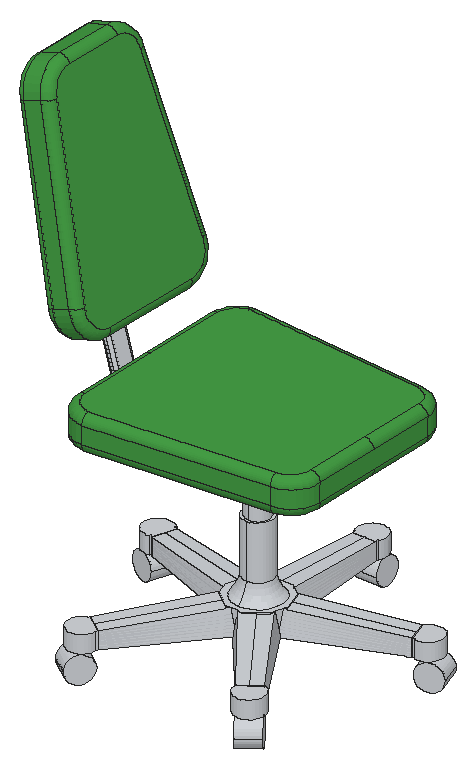
Revit family
Parameters (values of type "400 x 500mm")
  Structure Material = none
  Seat Material = Default Roof
  Manufacturer = "Revit"
  Assembly Code = "E2020200"
Reference planes
  plane 1 "Center (Front/Back)": y = 0
  plane 2: z = 0
  plane 3 "Center (Left/Right)": x = 0
  plane 4: z = 440
  plane 5: z = 340
  plane 6: z = 900
  plane 7: z = 90.965
  plane 8: z = 215.482
  plane 9: y = 45
  plane 10: y = 229.751
  plane 11: y = 233.825
  plane 12: through (-42.798, 13.906, 0) normal (0.9511, -0.309, 0)
  plane 13: through (-218.507, 70.997, 0) normal (0.9511, -0.309, 0)
  plane 14: through (-222.38, 72.256, -9.035) normal (0.9511, -0.309, 0)
  plane 15: through (-26.45, -36.406, 0) normal (0.5878, 0.809, 0)
  plane 16: through (-135.044, -185.873, 0) normal (0.5878, 0.809, 0)
  plane 17: through (-137.439, -189.168, -9.035) normal (0.5878, 0.809, 0)
  plane 18: through (26.45, -36.406, 0) normal (-0.5878, 0.809, 0)
  plane 19: through (135.044, -185.873, 0) normal (-0.5878, 0.809, 0)
  plane 20: through (137.439, -189.168, -9.035) normal (-0.5878, 0.809, 0)
  plane 21: through (42.798, 13.906, 0) normal (-0.9511, -0.309, 0)
  plane 22: through (218.507, 70.997, 0) normal (-0.9511, -0.309, 0)
  plane 23: through (222.38, 72.256, -9.035) normal (-0.9511, -0.309, 0)
  plane 24: x = -206.705
  plane 25 "t": through (-100.914, 0, -28.937) normal (0.9613, 0, 0.2756)
  plane 26: through (-266.368, 0, 928.937) normal (0.2756, 0, -0.9613)
  plane 27: through (-134.465, 0, 468.937) normal (0.2756, 0, -0.9613)
Forms (mm)
  Extrusion 1, solid, material <- "Structure Material"
    sketch origin (0, -234.191, 0) x (0, 1, 0) y (0, 0, 1)
      loop
        circle (488.942, 23) r 23
    from -19.791 to 19.791
  Blend 2, solid, material <- "Structure Material"
    base sketch origin (0, 100, -9.035) x (1, 0, 0) y (0, 0, -1)
      loop
        line (-32.382, -59.019) -> (-25.156, -100) -> (0, -100) -> (25.156, -100) -> (32.382, -59.019) -> (0, -59.019) -> (-32.382, -59.019)
    top sketch origin (0, 100, -9.035) x (1, 0, 0) y (0, 0, -1)
      loop
        line (-19.791, -59.019) -> (-19.791, -88.563) -> (0, -88.563) -> (19.791, -88.563) -> (19.791, -59.019) -> (0, -59.019) -> (-19.791, -59.019)
    from -65 to 129.751
  Extrusion 3, solid, material <- "Structure Material"
    sketch origin (0, 0, 330.965) x (0, -1, 0) y (-1, 0, 0)
      loop
        line (-50, 19.35) -> (-50, -19.35)
        arc (-50, -19.35) -> (-41.259, -29.976) -> (-33.854, -41.573) r 114.698
        line (-33.854, -41.573) -> (2.952, -53.532)
        arc (2.952, -53.532) -> (15.76, -48.503) -> (29.077, -45.044) r 114.698
        line (29.077, -45.044) -> (51.824, -13.735)
        arc (51.824, -13.735) -> (50.999, 0) -> (51.824, 13.735) r 114.698
        line (51.824, 13.735) -> (29.077, 45.044)
        arc (29.077, 45.044) -> (15.76, 48.503) -> (2.952, 53.532) r 114.698
        line (2.952, 53.532) -> (-33.854, 41.573)
        arc (-33.854, 41.573) -> (-41.259, 29.976) -> (-50, 19.35) r 114.698
    from 240 to 280.981
  Extrusion 4, solid, material <- "Structure Material"
    sketch origin (0, -235.927, 330.965) x (0, -1, 0) y (-1, 0, 0)
      loop
        arc (-469.751, 21.788) -> (-507.01, 0) -> (-469.751, -21.788) r 25
        line (-469.751, -21.788) -> (-469.751, -19.791) -> (-465.678, -19.791) -> (-465.678, 19.791) -> (-469.751, 19.791) -> (-469.751, 21.788)
    from 251.437 to 280.981
  Revolve 5, solid, material <- "Structure Material"
    sketch origin (0, 0, 0) x (0, 1, 0) y (0, 0, 1)
      loop
        line (0, 215.482) -> (-25, 215.482) -> (-25, 123.395)
        arc (-25, 123.395) -> (-30.374, 105.761) -> (-41.37, 90.965) r 53.967
        line (-41.37, 90.965) -> (0, 90.965) -> (0, 215.482)
      axis (0, 215.482) -> (0, 90.965)
    angle from 0 to 360
  Extrusion 6, solid, material <- "Structure Material"
    sketch origin (222.729, -72.369, 0) x (-0.951057, 0.309017, 0) y (0, 0, 1)
      loop
        circle (488.942, 23) r 23
    from -19.791 to 19.791
  Blend 7, solid, material <- "Structure Material"
    base sketch origin (-95.106, 30.902, -9.035) x (0.309017, 0.951057, 0) y (0, 0, -1)
      loop
        line (-32.382, -59.019) -> (-25.156, -100) -> (0, -100) -> (25.156, -100) -> (32.382, -59.019) -> (0, -59.019) -> (-32.382, -59.019)
    top sketch origin (-95.106, 30.902, -9.035) x (0.309017, 0.951057, 0) y (0, 0, -1)
      loop
        line (-19.791, -59.019) -> (-19.791, -88.563) -> (0, -88.563) -> (19.791, -88.563) -> (19.791, -59.019) -> (0, -59.019) -> (-19.791, -59.019)
    from -65 to 129.751
  Extrusion 8, solid, material <- "Structure Material"
    sketch origin (224.38, -72.905, 330.965) x (0.951057, -0.309017, 0) y (-0.309017, -0.951057, 0)
      loop
        arc (-469.751, 21.788) -> (-507.01, 0) -> (-469.751, -21.788) r 25
        line (-469.751, -21.788) -> (-469.751, -19.791) -> (-465.678, -19.791) -> (-465.678, 19.791) -> (-469.751, 19.791) -> (-469.751, 21.788)
    from 251.437 to 280.981
  Extrusion 9, solid, material <- "Structure Material"
    sketch origin (137.654, 189.465, 0) x (-0.587785, -0.809017, 0) y (0, 0, 1)
      loop
        circle (488.942, 23) r 23
    from -19.791 to 19.791
  Blend 10, solid, material <- "Structure Material"
    base sketch origin (-58.779, -80.902, -9.035) x (-0.809017, 0.587785, 0) y (0, 0, -1)
      loop
        line (-32.382, -59.019) -> (-25.156, -100) -> (0, -100) -> (25.156, -100) -> (32.382, -59.019) -> (0, -59.019) -> (-32.382, -59.019)
    top sketch origin (-58.779, -80.902, -9.035) x (-0.809017, 0.587785, 0) y (0, 0, -1)
      loop
        line (-19.791, -59.019) -> (-19.791, -88.563) -> (0, -88.563) -> (19.791, -88.563) -> (19.791, -59.019) -> (0, -59.019) -> (-19.791, -59.019)
    from -65 to 129.751
  Extrusion 11, solid, material <- "Structure Material"
    sketch origin (138.674, 190.869, 330.965) x (0.587785, 0.809017, 0) y (0.809017, -0.587785, 0)
      loop
        arc (-469.751, 21.788) -> (-507.01, 0) -> (-469.751, -21.788) r 25
        line (-469.751, -21.788) -> (-469.751, -19.791) -> (-465.678, -19.791) -> (-465.678, 19.791) -> (-469.751, 19.791) -> (-469.751, 21.788)
    from 251.437 to 280.981
  Extrusion 12, solid, material <- "Structure Material"
    sketch origin (-137.654, 189.465, 0) x (0.587785, -0.809017, 0) y (0, 0, 1)
      loop
        circle (488.942, 23) r 23
    from -19.791 to 19.791
  Blend 13, solid, material <- "Structure Material"
    base sketch origin (58.779, -80.902, -9.035) x (-0.809017, -0.587785, 0) y (0, 0, -1)
      loop
        line (-32.382, -59.019) -> (-25.156, -100) -> (0, -100) -> (25.156, -100) -> (32.382, -59.019) -> (0, -59.019) -> (-32.382, -59.019)
    top sketch origin (58.779, -80.902, -9.035) x (-0.809017, -0.587785, 0) y (0, 0, -1)
      loop
        line (-19.791, -59.019) -> (-19.791, -88.563) -> (0, -88.563) -> (19.791, -88.563) -> (19.791, -59.019) -> (0, -59.019) -> (-19.791, -59.019)
    from -65 to 129.751
  Extrusion 14, solid, material <- "Structure Material"
    sketch origin (-138.674, 190.869, 330.965) x (-0.587785, 0.809017, 0) y (0.809017, 0.587785, 0)
      loop
        arc (-469.751, 21.788) -> (-507.01, 0) -> (-469.751, -21.788) r 25
        line (-469.751, -21.788) -> (-469.751, -19.791) -> (-465.678, -19.791) -> (-465.678, 19.791) -> (-469.751, 19.791) -> (-469.751, 21.788)
    from 251.437 to 280.981
  Extrusion 15, solid, material <- "Structure Material"
    sketch origin (-222.729, -72.369, 0) x (0.951057, 0.309017, 0) y (0, 0, 1)
      loop
        circle (488.942, 23) r 23
    from -19.791 to 19.791
  Blend 16, solid, material <- "Structure Material"
    base sketch origin (95.106, 30.902, -9.035) x (0.309017, -0.951057, 0) y (0, 0, -1)
      loop
        line (-32.382, -59.019) -> (-25.156, -100) -> (0, -100) -> (25.156, -100) -> (32.382, -59.019) -> (0, -59.019) -> (-32.382, -59.019)
    top sketch origin (95.106, 30.902, -9.035) x (0.309017, -0.951057, 0) y (0, 0, -1)
      loop
        line (-19.791, -59.019) -> (-19.791, -88.563) -> (0, -88.563) -> (19.791, -88.563) -> (19.791, -59.019) -> (0, -59.019) -> (-19.791, -59.019)
    from -65 to 129.751
  Extrusion 17, solid, material <- "Structure Material"
    sketch origin (-224.38, -72.905, 330.965) x (-0.951057, -0.309017, 0) y (-0.309017, 0.951057, 0)
      loop
        arc (-469.751, 21.788) -> (-507.01, 0) -> (-469.751, -21.788) r 25
        line (-469.751, -21.788) -> (-469.751, -19.791) -> (-465.678, -19.791) -> (-465.678, 19.791) -> (-469.751, 19.791) -> (-469.751, 21.788)
    from 251.437 to 280.981
  Extrusion 18, solid, material "Default Roof" <- "Seat Material"
    sketch origin (-1080, 0, 400) x (0, -1, 0) y (-1, 0, 0)
      loop
        line (-172.774, -929.258) -> (-146.232, -1232.635)
        arc (-146.232, -1232.635) -> (-136.614, -1252.139) -> (-116.346, -1260.02) r 30
        line (-116.346, -1260.02) -> (0, -1260.02) -> (116.346, -1260.02)
        arc (116.346, -1260.02) -> (136.614, -1252.139) -> (146.232, -1232.635) r 30
        line (146.232, -1232.635) -> (172.774, -929.258)
        arc (172.774, -929.258) -> (163.726, -908.539) -> (142.784, -900.02) r 30
        line (142.784, -900.02) -> (0, -900.02) -> (-142.784, -900.02)
        arc (-142.784, -900.02) -> (-163.726, -908.539) -> (-172.774, -929.258) r 30
    from 0 to 60
  Sweep 19, solid, material "Default Roof" <- "Seat Material"
    path origin (-1080, 0, 400) x (0, -1, 0) y (1, 0, 0)
      loop
        arc (-192.784, 930.02) -> (-178.139, 894.665) -> (-142.784, 880.02) r 50
        line (-142.784, 880.02) -> (0, 880.02) -> (142.784, 880.02)
        arc (142.784, 880.02) -> (178.139, 894.665) -> (192.784, 930.02) r 50
        line (192.784, 930.02) -> (166.156, 1234.378)
        arc (166.156, 1234.378) -> (150.126, 1266.884) -> (116.346, 1280.02) r 50
        line (116.346, 1280.02) -> (0, 1280.02) -> (-116.346, 1280.02)
        arc (-116.346, 1280.02) -> (-150.126, 1266.884) -> (-166.156, 1234.378) r 50
        line (-166.156, 1234.378) -> (-192.784, 930.02)
    profile origin (0, 0, 0) x (-1, 0, 0) y (0, 0, 1)
      loop
        line (179.98, 400) -> (179.98, 340) -> (184.98, 340)
        arc (184.98, 340) -> (195.586, 344.393) -> (199.98, 355) r 15
        line (199.98, 355) -> (199.98, 385)
        arc (199.98, 385) -> (195.586, 395.607) -> (184.98, 400) r 15
        line (184.98, 400) -> (179.98, 400)
  Revolve 20, solid, material <- "Structure Material"
    sketch origin (0, 0, 0) x (0, 1, 0) y (0, 0, 1)
      loop
        line (-20, 215.482) -> (0, 215.482) -> (0, 340) -> (-40, 340) -> (-139.897, 340) -> (-139.897, 320.648) -> (-30.5, 309.15)
        arc (-30.5, 309.15) -> (-22.928, 304.1) -> (-20, 295.482) r 14.145
        line (-20, 295.482) -> (-20, 215.482)
      axis (0, 340) -> (0, 215.482)
    angle from 0 to 360
  Extrusion 21, solid, material "Default Roof" <- "Seat Material"
    sketch origin (-100.914, 0, -28.937) x (-0.275637, 0, 0.961262) y (0, -1, 0)
      loop
        line (845.789, 85.104) -> (556.146, 124.108)
        arc (556.146, 124.108) -> (528.563, 115.879) -> (516.477, 89.754) r 35
        line (516.477, 89.754) -> (514.811, -85.632)
        arc (514.811, -85.632) -> (526.398, -111.982) -> (553.82, -120.734) r 35
        line (553.82, -120.734) -> (844.151, -87.241)
        arc (844.151, -87.241) -> (866.158, -75.883) -> (875.139, -52.804) r 35
        line (875.139, -52.804) -> (876.116, 50.085)
        arc (876.116, 50.085) -> (867.576, 73.33) -> (845.789, 85.104) r 35
    from 0 to 60
  Sweep 22, solid, material "Default Roof" <- "Seat Material"
    path origin (-100.914, 0, -28.937) x (-0.275637, 0, 0.961262) y (0, -1, 0)
      loop
        line (875.139, -52.804) -> (876.116, 50.085)
        arc (876.116, 50.085) -> (867.576, 73.33) -> (845.789, 85.104) r 35
        line (845.789, 85.104) -> (556.146, 124.108)
        arc (556.146, 124.108) -> (528.563, 115.879) -> (516.477, 89.754) r 35
        line (516.477, 89.754) -> (514.811, -85.632)
        arc (514.811, -85.632) -> (526.398, -111.982) -> (553.82, -120.734) r 35
        line (553.82, -120.734) -> (844.151, -87.241)
        arc (844.151, -87.241) -> (866.158, -75.883) -> (875.139, -52.804) r 35
    profile origin (-0.018, -6.959, 0.064) x (0.275625, -0.009501, -0.961218) y (0.961262, 0, 0.275637)
      loop
        line (-875.601, -44.981) -> (-880.601, -44.981)
        arc (-880.601, -44.981) -> (-891.208, -49.374) -> (-895.601, -59.981) r 15
        line (-895.601, -59.981) -> (-895.601, -89.981)
        arc (-895.601, -89.981) -> (-889.876, -101.769) -> (-877.071, -104.559) r 15
        line (-877.071, -104.559) -> (-875.601, -104.981) -> (-875.601, -44.981)
  Sweep 23, solid, material <- "Structure Material"
    path origin (0, 0, 0) x (1, 0, 0) y (0, 0, 1)
      loop
        line (-139.897, 320.648) -> (-215.17, 320.648)
        arc (-215.17, 320.648) -> (-227.206, 324.675) -> (-234.395, 335.135) r 20
        line (-234.395, 335.135) -> (-306.161, 585.411)
        arc (-306.161, 585.411) -> (-304.458, 600.566) -> (-292.567, 610.114) r 20
    profile origin (-177.534, 0, 0) x (0, 0, -1) y (0, -1, 0)
      loop
        arc (-335.19, -15) -> (-333.726, -18.536) -> (-330.19, -20) r 5
        line (-330.19, -20) -> (-325.648, -20)
        arc (-325.648, -20) -> (-322.112, -18.536) -> (-320.648, -15) r 5
        line (-320.648, -15) -> (-320.648, 15)
        arc (-320.648, 15) -> (-322.112, 18.536) -> (-325.648, 20) r 5
        line (-325.648, 20) -> (-330.19, 20)
        arc (-330.19, 20) -> (-333.726, 18.536) -> (-335.19, 15) r 5
        line (-335.19, 15) -> (-335.19, -15)
  Extrusion 24, solid, material <- "Structure Material"
    sketch origin (-342.404, -50.085, 813.241) x (0.002619, 0.999955, -0.009133) y (0.275625, -0.009501, -0.961218)
      loop
        line (52.207, 258.61) -> (36.235, 258.659)
        arc (36.235, 258.659) -> (19.65, 252.433) -> (11.354, 236.782) r 25
        line (11.354, 236.782) -> (5.614, 191.19)
        arc (5.614, 191.19) -> (10.438, 175.485) -> (25.396, 168.691) r 20
        line (25.396, 168.691) -> (52.068, 168.61) -> (78.741, 168.61)
        arc (78.741, 168.61) -> (93.72, 175.357) -> (98.592, 191.047) r 20
        line (98.592, 191.047) -> (92.992, 236.656)
        arc (92.992, 236.656) -> (84.744, 252.333) -> (68.178, 258.61) r 25
        line (68.178, 258.61) -> (52.207, 258.61)
    from 0 to 8.083
Cuts and joins
  joined: Blend 2, Extrusion 3, Revolve 5, Blend 7, Blend 10, Blend 13, Blend 16
  joined: Extrusion 18, Sweep 19
  joined: Extrusion 21, Sweep 22
Lines and regions (mm)
  symbolic lines
    curve 1: line (930.02, 192.784, 0) -> (1234.378, 166.156, 0)
    curve 2: line (880.02, 0, 0) -> (880.02, 142.784, 0)
    curve 3: line (1280.02, 116.346, 0) -> (1280.02, 0, 0)
    curve 4: arc (930.02, 192.784, 0) -> (894.665, 178.139, 0) -> (880.02, 142.784, 0) r 50
    curve 5: arc (1234.378, 166.156, 0) -> (1266.884, 150.126, 0) -> (1280.02, 116.346, 0) r 50
    curve 6: line (930.02, -192.784, 0) -> (1234.378, -166.156, 0)
    curve 7: line (880.02, 0, 0) -> (880.02, -142.784, 0)
    curve 8: line (1280.02, -116.346, 0) -> (1280.02, 0, 0)
    curve 9: arc (930.02, -192.784, 0) -> (894.665, -178.139, 0) -> (880.02, -142.784, 0) r 50
    curve 10: arc (1234.378, -166.156, 0) -> (1266.884, -150.126, 0) -> (1280.02, -116.346, 0) r 50
    curve 11: line (-149.98, 192.784, 0) -> (154.378, 166.156, 0)
    curve 12: line (200.02, 116.346, 0) -> (200.02, 0, 0)
    curve 13: arc (-149.98, 192.784, 0) -> (-185.335, 178.139, 0) -> (-199.98, 142.784, 0) r 50
    curve 14: arc (154.378, 166.156, 0) -> (186.884, 150.126, 0) -> (200.02, 116.346, 0) r 50
    curve 15: line (-149.98, -192.784, 0) -> (154.378, -166.156, 0)
    curve 16: line (200.02, -116.346, 0) -> (200.02, 0, 0)
    curve 17: arc (-149.98, -192.784, 0) -> (-185.335, -178.139, 0) -> (-199.98, -142.784, 0) r 50
    curve 18: arc (154.378, -166.156, 0) -> (186.884, -150.126, 0) -> (200.02, -116.346, 0) r 50
    curve 19: arc (-21.788, 233.825, 0) -> (0, 271.083, 0) -> (21.788, 233.825, 0) r 25
    curve 20: line (-19.791, 277.751, 0) -> (-19.791, 261.359, 0)
    curve 21: line (19.791, 261.359, 0) -> (19.791, 277.751, 0)
    curve 22: line (-21.12, 181.51, 0) -> (-19.791, 229.751, 0)
    curve 23: line (21.222, 177.806, 0) -> (19.791, 229.751, 0)
    curve 24: line (-19.791, 277.751, 0) -> (19.791, 277.751, 0)
    curve 25: line (-21.788, 233.825, 0) -> (-19.791, 233.825, 0)
    curve 26: line (19.791, 233.825, 0) -> (21.788, 233.825, 0)
    curve 27: line (-19.791, 229.751, 0) -> (-19.791, 233.825, 0)
    curve 28: line (19.791, 229.751, 0) -> (19.791, 233.825, 0)
    curve 29: arc (215.648, 92.978, 0) -> (257.815, 83.769, 0) -> (229.113, 51.534, 0) r 25
    curve 30: line (258.042, 104.652, 0) -> (242.451, 99.586, 0)
    curve 31: line (254.682, 61.942, 0) -> (270.273, 67.008, 0)
    curve 32: line (200.02, 86.173, 0) -> (212.391, 89.819, 0)
    curve 33: line (200.02, 43.425, 0) -> (224.622, 52.175, 0)
    curve 34: line (258.042, 104.652, 0) -> (270.273, 67.008, 0)
    curve 35: line (215.648, 92.978, 0) -> (216.265, 91.078, 0)
    curve 36: line (228.496, 53.434, 0) -> (229.113, 51.534, 0)
    curve 37: line (212.391, 89.819, 0) -> (216.265, 91.078, 0)
    curve 38: line (224.622, 52.175, 0) -> (228.496, 53.434, 0)
    curve 39: arc (155.066, -176.361, 0) -> (159.339, -219.311, 0) -> (119.812, -201.975, 0) r 25
    curve 40: line (179.269, -213.073, 0) -> (169.634, -199.811, 0)
    curve 41: line (137.612, -223.076, 0) -> (147.247, -236.338, 0)
    curve 42: line (146.017, -166.888, 0) -> (151.055, -174.24, 0)
    curve 43: line (98.661, -171.031, 0) -> (119.034, -197.505, 0)
    curve 44: line (179.269, -213.073, 0) -> (147.247, -236.338, 0)
    curve 45: line (155.066, -176.361, 0) -> (153.45, -177.536, 0)
    curve 46: line (121.428, -200.801, 0) -> (119.812, -201.975, 0)
    curve 47: line (151.055, -174.24, 0) -> (153.45, -177.536, 0)
    curve 48: line (119.034, -197.505, 0) -> (121.428, -200.801, 0)
    curve 49: arc (-119.812, -201.975, 0) -> (-150.931, -223.282, 0) -> (-167.743, -189.522, 0) r 25
    curve 50: line (-147.247, -236.338, 0) -> (-137.612, -223.076, 0)
    curve 51: line (-169.634, -199.811, 0) -> (-179.269, -213.073, 0)
    curve 52: line (-112.904, -189.54, 0) -> (-119.034, -197.505, 0)
    curve 53: line (-147.247, -236.338, 0) -> (-179.269, -213.073, 0)
    curve 54: line (-119.812, -201.975, 0) -> (-121.428, -200.801, 0)
    curve 55: line (-119.034, -197.505, 0) -> (-121.428, -200.801, 0)
    curve 56: line (-199.98, 137.784, 0) -> (-199.98, 142.784, 0)
    curve 57: line (-199.98, -141.22, 0) -> (-199.98, -142.784, 0)
    curve 58: line (-344.396, 0, 0) -> (-344.396, 56.881, 0)
    curve 59: arc (-344.396, 56.881, 0) -> (-342.375, 76.778, 0) -> (-336.395, 95.862, 0) r 98.962
    curve 60: arc (-336.395, 95.862, 0) -> (-332.74, 101.261, 0) -> (-327.341, 104.916, 0) r 17.238
    curve 61: line (-327.341, 104.916, 0) -> (-250.645, 137.784, 0)
    curve 62: arc (-250.645, 137.784, 0) -> (-242.092, 140.415, 0) -> (-233.177, 141.182, 0) r 42.137
    curve 63: line (-233.177, 141.182, 0) -> (-210.895, 141.182, 0)
    curve 64: arc (-210.895, 141.182, 0) -> (-199.343, 138.01, 0) -> (-191.029, 129.386, 0) r 22.626
    curve 65: arc (-191.029, 129.386, 0) -> (-185.6, 115.559, 0) -> (-183.758, 100.818, 0) r 59.606
    curve 66: line (-183.758, 100.818, 0) -> (-183.758, 0, 0)
    curve 67: line (-344.396, 0, 0) -> (-344.396, -56.881, 0)
    curve 68: arc (-344.396, -56.881, 0) -> (-342.375, -76.778, 0) -> (-336.395, -95.862, 0) r 98.962
    curve 69: arc (-336.395, -95.862, 0) -> (-332.74, -101.261, 0) -> (-327.341, -104.916, 0) r 17.238
    curve 70: line (-327.341, -104.916, 0) -> (-250.645, -137.784, 0)
    curve 71: arc (-250.645, -137.784, 0) -> (-242.092, -140.415, 0) -> (-233.177, -141.182, 0) r 42.137
    curve 72: line (-233.177, -141.182, 0) -> (-210.895, -141.182, 0)
    curve 73: arc (-210.895, -141.182, 0) -> (-199.343, -138.01, 0) -> (-191.029, -129.386, 0) r 22.626
    curve 74: arc (-191.029, -129.386, 0) -> (-185.6, -115.559, 0) -> (-183.758, -100.818, 0) r 59.606
    curve 75: line (-183.758, -100.818, 0) -> (-183.758, 0, 0)
Dimensions and locks
  equal spacing: plane 5, plane 8, plane 7
  aligned and locked: Extrusion 21 sketch curve to Sweep 22  (x8)
